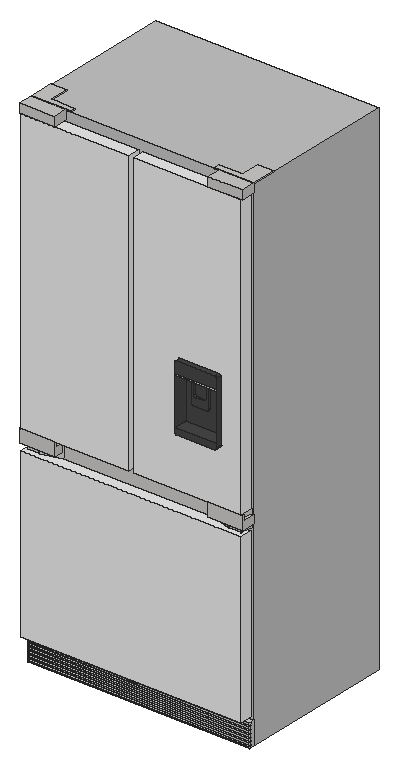
Revit family "FP_Revit_18_RS80AU1_Fridge_90001175A", category Specialty Equipment, Revit 2018
Family settings
  Round Connector Dimension = Use Diameter
  Part Type = Normal
  OmniClass Number = 23.40.40.11.11.17
  OmniClass Title = Refrigerator-Freezer
  Work Plane-Based = No
  Always vertical = Yes
  Cut with Voids When Loaded = Yes
  Shared = No
  Room Calculation Point = No
Parameters
  Visibility - Water Dispenser = yes
  Visibility - Visibility Control Note = yes
  Visibility - Clearance Required = yes
  URL = "www.fisherpaykel.com"
  Stainless Steel Door Panels (RD80AU) = no
  Product - Width = 796 mm  # constant formula
  Product - Height = 1825 mm  # constant formula
  Product - Depth = 604 mm  # constant formula
  Model = "RS80AU1"
  Material - Trim = Fisher & Paykel - Stainless Steel
  Material - Rollers and Feet = Fisher & Paykel - Black
  Material - Door Structure = Fisher & Paykel - White
  Material - Door Front = Fisher & Paykel - Stainless Steel
  Material - Connections = Fisher & Paykel - Black
  Material - Body = Fisher & Paykel - Grey
  Manufacturer = "Fisher & Paykel Appliances"
  Handle Style - Contemporary Square Fine Black (AHD5RD80AB) = no
  Handle Style - Contemporary Square Fine (AHD5RD80A) = no
  Handle Style - Contemporary Square (AHD3RS80A) = no
  Handle Style - Contemporary Round (AHSRS80A) = no
  Description = "Integrated French Door Refrigerator Freezer, Ice & Water"
  Connector Description - Water = "13mm (1/2\") or 19mm (3/4\") BSP threaded water connection 6.35mm LLDPE tubing"
  Connector Description - Electrical = "230 V, 50 Hz, 10 A circuit"
  Chassis - Width = 790 mm  # constant formula
  Chassis - Height = 1788 mm  # constant formula
  Chassis - Depth = 561.4 mm  # constant formula
  Cavity - Width = 813 mm  # constant formula
  Cavity - Height = 1829 mm  # constant formula
  Cavity - Depth = 635 mm  # constant formula
Reference planes
  plane 1 "Center (Front/Back)": y = 0
  plane 2: z = 0
  plane 3 "Center (Left/Right)": x = 0
  plane 4 "Product LHS": x = -398
  plane 5 "Product RHS": x = 398
  plane 6 "Cavity - Depth": y = 635
  plane 7 "Cavity LHS": x = -406.5
  plane 8 "Cavity RHS": x = 406.5
  plane 9 "Product - Depth": y = 622
  plane 10 "Product Height": z = 1825
  plane 11 "Cavity Height": z = 1829
  plane 12 "Datum": y = 18
Forms (mm)
  Extrusion 1, solid, material "Fisher & Paykel - Grey" <- "Material - Body"
    sketch origin (0, 0, 0) x (0, 1, 0) y (0, 0, 1)
      loop
        line (68.89, 6.6) -> (622, 6.6) -> (622, 1794.6) -> (68.89, 1794.6) -> (68.89, 6.6)
    from -395 to 395
  Extrusion 2, solid, material "Fisher & Paykel - Clearance Required", visible <- "Visibility - Clearance Required", detail levels coarse
    sketch origin (0, 0, 0) x (1, 0, 0) y (0, 1, 0)
      loop
        line (-391.179, 0) -> (-526.6, -290.41) -> (-562.852, -273.506) -> (-569.457, -287.67) -> (-533.205, -304.575) -> (-555.656, -352.723)
        arc (-555.656, -352.723) -> (-182.069, -328.236) -> (-1.993, 0) r 389.186
        line (-1.993, 0) -> (-391.179, 0)
      loop
        line (391.179, 0) -> (1.993, 0)
        arc (1.993, 0) -> (182.069, -328.236) -> (555.656, -352.723) r 389.186
        line (555.656, -352.723) -> (533.205, -304.575) -> (569.457, -287.67) -> (562.852, -273.506) -> (526.6, -290.41) -> (391.179, 0)
    from 700.43 to 1825
  Extrusion 3, void
    sketch origin (-955, 0, 0) x (1, 0, 0) y (0, 0, 1)
      loop
        arc (1130.35, 1186.03) -> (1124.693, 1183.687) -> (1122.35, 1178.03) r 8
        line (1122.35, 1178.03) -> (1122.35, 958.43)
        arc (1122.35, 958.43) -> (1124.693, 952.773) -> (1130.35, 950.43) r 8
        line (1130.35, 950.43) -> (1264.85, 950.43)
        arc (1264.85, 950.43) -> (1270.507, 952.773) -> (1272.85, 958.43) r 8
        line (1272.85, 958.43) -> (1272.85, 1178.03)
        arc (1272.85, 1178.03) -> (1270.507, 1183.687) -> (1264.85, 1186.03) r 8
        line (1264.85, 1186.03) -> (1130.35, 1186.03)
    from -54.957 to 0
  Extrusion 4, solid, material "Fisher & Paykel - Black" <- "Material - Rollers and Feet"
    sketch origin (0, 0, -4) x (0, 1, 0) y (0, 0, 1)
      loop
        arc (120.09, 10.6) -> (136.133, 4) -> (152.177, 10.6) r 22.8
        line (152.177, 10.6) -> (120.09, 10.6)
      loop
        arc (555.39, 10.6) -> (571.433, 4) -> (587.477, 10.6) r 22.8
        line (587.477, 10.6) -> (555.39, 10.6)
    from 352 to 379
  Extrusion 5, solid, material "Fisher & Paykel - Clearance Required", visible <- "Visibility - Clearance Required", detail levels coarse
    sketch origin (0, 0, 0) x (0, 1, 0) y (0, 0, 1)
      loop
        line (-0.043, 696.43) -> (-359.921, 696.43) -> (-359.921, 631.801) -> (-401.921, 631.801) -> (-401.921, 615.801) -> (-359.921, 615.801) -> (-359.921, 100.03) -> (-0.043, 100.03) -> (-0.043, 696.43)
    from -406.5 to 406.5
  Extrusion 6, solid, material "Fisher & Paykel - White" <- "Material - Door Structure"
    sketch origin (0, 0, 0) x (1, 0, 0) y (0, 0, 1)
      loop
        line (-7.74, 1764.6) -> (-390.5, 1764.6) -> (-390.5, 763.6) -> (-7.74, 763.6) -> (-7.74, 1764.6)
      loop
        line (7.74, 1764.6) -> (7.74, 763.6) -> (390.5, 763.6) -> (390.5, 1764.6) -> (7.74, 1764.6)
      loop
        line (-390.5, 693.1) -> (-390.5, 101.1) -> (390.5, 101.1) -> (390.5, 693.1) -> (-390.5, 693.1)
    from -60.6 to -18
  Extrusion 7, solid, material "Fisher & Paykel - White" <- "Material - Door Structure"
    sketch origin (0, 0, 0) x (1, 0, 0) y (0, 0, 1)
      loop
        line (-379.6, 685.2) -> (-379.6, 109) -> (379.6, 109) -> (379.6, 685.2) -> (-379.6, 685.2)
      loop
        line (-13.88, 776) -> (-13.88, 1749.7) -> (-379.58, 1749.7) -> (-379.58, 776) -> (-13.88, 776)
      loop
        line (13.88, 776) -> (379.58, 776) -> (379.58, 1749.7) -> (13.88, 1749.7) -> (13.88, 776)
    from -68.89 to -60.552
  Extrusion 8, solid, material "Fisher & Paykel - Stainless Steel" <- "Material - Trim", detail levels fine
    sketch origin (0, -2, 0) x (1, 0, 0) y (0, 1, 0)
      loop
        line (-386.5, 70.89) -> (-379.782, 36.328)
        arc (-379.782, 36.328) -> (-378.745, 34.585) -> (-376.837, 33.9) r 3
        line (-376.837, 33.9) -> (-338.733, 33.9)
        arc (-338.733, 33.9) -> (-336.738, 34.034) -> (-334.779, 34.431) r 15
        line (-334.779, 34.431) -> (-265.032, 53.491) -> (265.032, 53.491) -> (334.779, 34.431)
        arc (334.779, 34.431) -> (336.738, 34.034) -> (338.733, 33.9) r 15
        line (338.733, 33.9) -> (376.837, 33.9)
        arc (376.837, 33.9) -> (378.745, 34.585) -> (379.782, 36.328) r 3
        line (379.782, 36.328) -> (386.5, 70.89) -> (-386.5, 70.89)
    from 696.967 to 759.03
  Extrusion 9, solid, material "Fisher & Paykel - Stainless Steel" <- "Material - Trim", detail levels fine
    sketch origin (0, -2, 0) x (0, 1, 0) y (0, 0, 1)
      loop
        line (20, 762.6) -> (20, 715.3) -> (70.89, 715.3) -> (70.89, 743.6) -> (25, 743.6) -> (25, 762.6) -> (20, 762.6)
    from 272.17 to 395
  Extrusion 10, solid, material "Fisher & Paykel - Stainless Steel" <- "Material - Trim", detail levels fine
    sketch origin (0, -2, 0) x (0, 1, 0) y (0, 0, -1)
      loop
        line (20, -762.6) -> (25, -762.6) -> (25, -743.6) -> (70.89, -743.6) -> (70.89, -715.3) -> (20, -715.3) -> (20, -762.6)
    from 272.17 to 395
  Extrusion 11, solid, material "Fisher & Paykel - Stainless Steel" <- "Material - Trim"
    sketch origin (0, 0, 0) x (1, 0, 0) y (0, 1, 0)
      loop
        line (-272.17, 18) -> (-272.17, 68.89) -> (-395, 68.89) -> (-395, 18) -> (-272.17, 18)
      loop
        line (395, 18) -> (395, 68.89) -> (272.17, 68.89) -> (272.17, 18) -> (395, 18)
    from 1765.6 to 1797.6
  Extrusion 12, solid, material "Fisher & Paykel - Stainless Steel" <- "Material - Trim", detail levels fine
    sketch origin (0, 0, 0) x (1, 0, 0) y (0, 1, 0)
      loop
        line (-395, 154.61) -> (-395, 68.89) -> (-256.45, 68.89) -> (-256.45, 88.11) -> (-339, 88.11) -> (-339, 154.61) -> (-395, 154.61)
      loop
        line (395, 154.61) -> (339, 154.61) -> (339, 88.11) -> (256.45, 88.11) -> (256.45, 68.89) -> (395, 68.89) -> (395, 154.61)
    from 1794.6 to 1797.6
  Extrusion 13, solid, material "Fisher & Paykel - Black" <- "Material - Rollers and Feet", detail levels fine
    sketch origin (0, 0, -4) x (0, 1, 0) y (0, 0, -1)
      loop
        line (120.09, -10.6) -> (152.177, -10.6)
        arc (152.177, -10.6) -> (136.133, -4) -> (120.09, -10.6) r 22.8
      loop
        line (555.39, -10.6) -> (587.477, -10.6)
        arc (587.477, -10.6) -> (571.433, -4) -> (555.39, -10.6) r 22.8
    from 352 to 379
  Extrusion 14, solid, material "Fisher & Paykel - Stainless Steel" <- "Material - Trim", detail levels fine
    sketch origin (0, -2, 0) x (0, 1, 0) y (0, 0, 1)
      loop
        line (24.91, 101.1) -> (24.91, 94.1) -> (50.15, 94.1) -> (50.15, 101.1) -> (24.91, 101.1)
    from -20.67 to 20.7
  Extrusion 15, solid, material "Fisher & Paykel - Stainless Steel" <- "Material - Trim", detail levels fine
    sketch origin (0, -2, 0) x (0, 1, 0) y (0, 0, 1)
      loop
        line (70.89, 90.613) -> (53.491, 85.951) -> (53.491, 81.639) -> (61.43, 81.639) -> (61.43, 75.465) -> (53.491, 73.338) -> (53.491, 69.031) -> (61.43, 69.031) -> (61.43, 62.857) -> (53.491, 60.73) -> (53.491, 56.423) -> (61.43, 56.423) -> (61.43, 50.254) -> (53.491, 48.127) -> (53.491, 43.821) -> (61.43, 43.821) -> (61.43, 37.652) -> (53.491, 35.525) -> (53.491, 31.218) -> (61.43, 31.218) -> (61.43, 25.049) -> (53.491, 22.922) -> (53.491, 18.585) -> (61.43, 18.585) -> (61.43, 12.447) -> (53.491, 10.32) -> (53.491, 6.6) -> (70.89, 6.6) -> (70.89, 90.613)
    from -395 to 395
  Extrusion 16, solid, material "Fisher & Paykel - Stainless Steel" <- "Material - Trim", detail levels coarse+medium
    sketch origin (0, -2, 0) x (0, 1, 0) y (0, 0, 1)
      loop
        line (70.89, 90.613) -> (53.491, 85.951) -> (53.491, 6.6) -> (70.89, 6.6) -> (70.89, 90.613)
    from -395 to 395
  Extrusion 17, void
    sketch origin (0, -2000, 0) x (1, 0, 0) y (0, 1, 0)
      loop
        line (-336, 2622) -> (-336, 2068.89) -> (336, 2068.89) -> (336, 2622) -> (-336, 2622)
    from 6.6 to 56.423
  Extrusion 18, solid, material "Fisher & Paykel - Stainless Steel" <- "Material - Door Front", visible <- "Stainless Steel Door Panels (RD80AU)"
    sketch origin (0, 0, 0) x (1, 0, 0) y (0, 0, 1)
      loop
        line (-398, 696.43) -> (-398, 100.03) -> (398, 100.03) -> (398, 696.43) -> (-398, 696.43)
      loop
        line (-398, 700.43) -> (-2, 700.43) -> (-2, 1822.4) -> (-398, 1822.4) -> (-398, 700.43)
      loop
        line (2, 1822.4) -> (2, 700.43) -> (398, 700.43) -> (398, 1822.4) -> (2, 1822.4)
    from -18 to 0
  Extrusion 19, void
    sketch origin (0, -2, 0) x (1, 0, 0) y (0, 1, 0)
      loop
        arc (395, 57.948) -> (393.695, 54.796) -> (390.543, 53.491) r 4.457
        line (390.543, 53.491) -> (395, 53.491) -> (395, 57.948)
      loop
        line (-395, 57.948) -> (-395, 53.491) -> (-390.543, 53.491)
        arc (-390.543, 53.491) -> (-393.695, 54.796) -> (-395, 57.948) r 4.457
    from 6.6 to 100.03
  Extrusion 20, solid, material "Fisher & Paykel - Clearance Required", visible <- "Visibility - Clearance Required", detail levels coarse
    sketch origin (0, 0, 0) x (1, 0, 0) y (0, 1, 0)
      loop
        line (-406.5, 635) -> (-406.5, 0) -> (406.5, 0) -> (406.5, 635) -> (-406.5, 635)
    from 0 to 1829
  Extrusion 21, void
    sketch origin (0, 0, 0) x (1, 0, 0) y (0, 0, 1)
      loop
        line (253, 70) -> (253, 200) -> (-22, 200) -> (-22, 70) -> (253, 70)
      loop
        circle (203, 135) r 3
      loop
        circle (28, 135) r 3
    from -622 to -619.953
  Extrusion 22, void
    sketch origin (0, 0, 0) x (1, 0, 0) y (0, 1, 0)
      loop
        line (-406.5, 635) -> (-406.5, 0) -> (406.5, 0) -> (406.5, 635) -> (-406.5, 635)
    from 0 to 1829
Cuts and joins
  Extrusion 17, Extrusion 21 cuts Extrusion 1
  Extrusion 3 cuts Extrusion 18
  Extrusion 3 cuts Extrusion 6
  Extrusion 19 cuts Extrusion 15
  Extrusion 19 cuts Extrusion 16
  joined: Extrusion 8, Extrusion 9, Extrusion 10
Lines and regions (mm)
  model lines, style "Fisher & Paykel"
    curve 1: line (-398, 18, 1822.4) -> (-2, 18, 1822.4)
    curve 2: line (-398, 18, 700.43) -> (-398, 18, 1822.4)
    curve 3: line (-2, 18, 700.43) -> (-398, 18, 700.43)
    curve 4: line (-2, 18, 1822.4) -> (-2, 18, 700.43)
    curve 5: line (2, 18, 700.43) -> (398, 18, 700.43)
    curve 6: line (2, 18, 1822.4) -> (2, 18, 700.43)
    curve 7: line (398, 18, 1822.4) -> (2, 18, 1822.4)
    curve 8: line (398, 18, 700.43) -> (398, 18, 1822.4)
    curve 9: line (-398, 18, 696.43) -> (398, 18, 696.43)
    curve 10: line (-398, 18, 100.03) -> (-398, 18, 696.43)
    curve 11: line (398, 18, 100.03) -> (-398, 18, 100.03)
    curve 12: line (398, 18, 696.43) -> (398, 18, 100.03)
Text (mm)
  text "Due to ongoing product development, product details are subject to change without notice. \nPlease always refer to www.fisherpaykel.com for the most current product information. \n© Fisher & Paykel 2020" at (41.04, -521.517, 0), in view "Ref. Level (Plan)"
Dimensions and locks
  equal spacing: plane 4 "Product LHS", plane 3 "Center (Left/Right)", plane 5 "Product RHS"
  "Product - Width": plane 4 "Product LHS" to plane 5 "Product RHS"
  "Cavity - Depth": plane 1 "Center (Front/Back)" to plane 6 "Cavity - Depth"
  equal spacing: plane 7 "Cavity LHS", plane 3 "Center (Left/Right)", plane 8 "Cavity RHS"
  "Cavity - Width": plane 7 "Cavity LHS" to plane 8 "Cavity RHS"
  "Product - Height": level to plane 10 "Product Height"
  "Cavity - Height": plane 11 "Cavity Height" to level
  Extrusion 3 sketch curve to plane 3 "Center (Left/Right)" = 317.85 mm
  Extrusion 3 sketch curve to Extrusion 3 sketch curve = 235.6 mm
  Extrusion 3 sketch curve to level = 950.43 mm
  Extrusion 3 sketch curve to Extrusion 3 sketch curve = 150.5 mm
  "Chassis - Height": Extrusion 1 to Extrusion 1
  nested 1 to Extrusion 1 = 1179.43 mm
  "Chassis - Width": Extrusion 1 to Extrusion 1
  Extrusion 14 to Extrusion 16 = 94.5 mm
  locked: Extrusion 21 to cut or joined group of Extrusion 1, Extrusion 17, Extrusion 21 at 2.047
  locked: plane 1 "Center (Front/Back)" to plane 12 "Datum" at 18
  "Chassis - Depth": cut or joined group of Extrusion 3, Extrusion 6 to plane 9 "Product - Depth"
  "Product - Depth": plane 9 "Product - Depth" to plane 12 "Datum"
  equal spacing: cut or joined group of Extrusion 1, Extrusion 17, Extrusion 21, plane 3 "Center (Left/Right)", cut or joined group of Extrusion 1, Extrusion 17, Extrusion 21  (x2)
  aligned and locked: level to plane 2
  aligned and locked: Extrusion 19 to Extrusion 4
  aligned and locked: cut or joined group of Extrusion 1, Extrusion 17, Extrusion 21 to Extrusion 21
  aligned and locked: Extrusion 20 to level
  aligned and locked: plane 9 "Product - Depth" to Extrusion 1
Automatic sketch dimensions
  plane 1 "Center (Front/Back)" to Extrusion 20 sketch curve = 0 mm
  Extrusion 20 sketch curve to plane 7 "Cavity LHS" = 0 mm
  Extrusion 20 sketch curve to plane 8 "Cavity RHS" = 0 mm
  plane 6 "Cavity - Depth" to Extrusion 20 sketch curve = 0 mm
  plane 1 "Center (Front/Back)" to Extrusion 22 sketch curve = 0 mm
  Extrusion 22 sketch curve to plane 7 "Cavity LHS" = 0 mm
  Extrusion 22 sketch curve to plane 8 "Cavity RHS" = 0 mm
  plane 6 "Cavity - Depth" to Extrusion 22 sketch curve = 0 mm
  Extrusion 1 sketch curve to plane 9 "Product - Depth" = 0 mm
  level to Extrusion 1 sketch curve = 6.6 mm
  Extrusion 1 sketch curve to plane 12 "Datum" = 50.89 mm
  plane 10 "Product Height" to Extrusion 1 sketch curve = 30.4 mm
  plane 1 "Center (Front/Back)" to Extrusion 2 sketch curve = 0 mm  (x2)
  plane 7 "Cavity LHS" to Extrusion 2 sketch curve = 162.957 mm
  Extrusion 2 sketch curve to Extrusion 2 sketch curve = 6.605 mm  (x3)
  Extrusion 2 sketch curve to Extrusion 2 sketch curve = 13.801 mm
  Extrusion 2 sketch curve to Extrusion 2 sketch curve = 36.252 mm  (x2)
  Extrusion 2 sketch curve to plane 4 "Product LHS" = 6.821 mm
  Extrusion 2 sketch curve to Extrusion 2 sketch curve = 0 mm  (x2)
  Extrusion 2 sketch curve to plane 3 "Center (Left/Right)" = 1.993 mm
  plane 3 "Center (Left/Right)" to Extrusion 2 sketch curve = 1.993 mm
  plane 5 "Product RHS" to Extrusion 2 sketch curve = 6.821 mm
  Extrusion 2 sketch curve to plane 8 "Cavity RHS" = 120.1 mm
  plane 1 "Center (Front/Back)" to Extrusion 2 sketch curve = 352.723 mm
  plane 1 "Center (Front/Back)" to Extrusion 2 sketch curve = 287.67 mm
  Extrusion 3 sketch curve to Extrusion 3 sketch curve = 8 mm  (x4)
  level to Extrusion 4 sketch curve = 6.6 mm  (x2)
  Extrusion 4 sketch curve to plane 12 "Datum" = 102.09 mm
  Extrusion 4 sketch curve to Extrusion 4 sketch curve = 16.044 mm  (x2)
  Extrusion 4 sketch curve to plane 9 "Product - Depth" = 66.61 mm
  level to Extrusion 4 sketch curve = 22.8 mm  (x2)
  plane 1 "Center (Front/Back)" to Extrusion 5 sketch curve = 401.921 mm
  Extrusion 5 sketch curve to Extrusion 5 sketch curve = 42 mm
  level to Extrusion 5 sketch curve = 100.03 mm
  plane 1 "Center (Front/Back)" to Extrusion 5 sketch curve = 359.921 mm
  plane 1 "Center (Front/Back)" to Extrusion 5 sketch curve = 0.043 mm
  Extrusion 5 sketch curve to Extrusion 5 sketch curve = 515.771 mm
  Extrusion 5 sketch curve to Extrusion 5 sketch curve = 16 mm
  Extrusion 5 sketch curve to Extrusion 5 sketch curve = 64.629 mm
  Extrusion 6 sketch curve to plane 4 "Product LHS" = 7.5 mm  (x2)
  Extrusion 6 sketch curve to plane 3 "Center (Left/Right)" = 7.74 mm
  plane 3 "Center (Left/Right)" to Extrusion 6 sketch curve = 7.74 mm
  plane 5 "Product RHS" to Extrusion 6 sketch curve = 7.5 mm  (x2)
  level to Extrusion 6 sketch curve = 101.1 mm
  Extrusion 6 sketch curve to Extrusion 6 sketch curve = 592 mm
  Extrusion 6 sketch curve to Extrusion 6 sketch curve = 70.5 mm
  Extrusion 6 sketch curve to Extrusion 6 sketch curve = 0 mm
  plane 10 "Product Height" to Extrusion 6 sketch curve = 60.4 mm  (x2)
  Extrusion 7 sketch curve to plane 4 "Product LHS" = 18.4 mm
  Extrusion 7 sketch curve to plane 4 "Product LHS" = 18.42 mm
  Extrusion 7 sketch curve to plane 3 "Center (Left/Right)" = 13.88 mm
  plane 3 "Center (Left/Right)" to Extrusion 7 sketch curve = 13.88 mm
  plane 5 "Product RHS" to Extrusion 7 sketch curve = 18.42 mm
  plane 5 "Product RHS" to Extrusion 7 sketch curve = 18.4 mm
  level to Extrusion 7 sketch curve = 109 mm
  Extrusion 7 sketch curve to Extrusion 7 sketch curve = 576.2 mm
  Extrusion 7 sketch curve to Extrusion 7 sketch curve = 90.8 mm
  Extrusion 7 sketch curve to Extrusion 7 sketch curve = 0 mm  (x2)
  plane 10 "Product Height" to Extrusion 7 sketch curve = 75.3 mm
  Extrusion 8 sketch curve to plane 4 "Product LHS" = 11.5 mm
  Extrusion 8 sketch curve to plane 4 "Product LHS" = 18.218 mm
  Extrusion 8 sketch curve to Extrusion 8 sketch curve = 2.945 mm  (x2)
  Extrusion 8 sketch curve to plane 12 "Datum" = 13.9 mm
  Extrusion 8 sketch curve to Extrusion 8 sketch curve = 38.104 mm
  Extrusion 8 sketch curve to plane 12 "Datum" = 14.431 mm  (x2)
  Extrusion 8 sketch curve to Extrusion 8 sketch curve = 3.954 mm  (x2)
  Extrusion 8 sketch curve to plane 12 "Datum" = 33.491 mm
  Extrusion 8 sketch curve to Extrusion 8 sketch curve = 69.747 mm
  plane 5 "Product RHS" to Extrusion 8 sketch curve = 132.968 mm
  plane 5 "Product RHS" to Extrusion 8 sketch curve = 63.221 mm
  plane 5 "Product RHS" to Extrusion 8 sketch curve = 21.163 mm
  plane 5 "Product RHS" to Extrusion 8 sketch curve = 11.5 mm
  Extrusion 8 sketch curve to plane 1 "Center (Front/Back)" = 31.9 mm
  Extrusion 8 sketch curve to Extrusion 8 sketch curve = 2.428 mm  (x2)
  Extrusion 8 sketch curve to Extrusion 8 sketch curve = 34.562 mm
  Extrusion 9 sketch curve to plane 12 "Datum" = 0 mm
  Extrusion 9 sketch curve to Extrusion 9 sketch curve = 5 mm
  Extrusion 9 sketch curve to Extrusion 9 sketch curve = 50.89 mm
  level to Extrusion 9 sketch curve = 715.3 mm
  Extrusion 9 sketch curve to Extrusion 9 sketch curve = 28.3 mm
  Extrusion 9 sketch curve to Extrusion 9 sketch curve = 19 mm
  Extrusion 10 sketch curve to plane 12 "Datum" = 0 mm
  Extrusion 10 sketch curve to Extrusion 10 sketch curve = 5 mm
  Extrusion 10 sketch curve to Extrusion 10 sketch curve = 50.89 mm
  level to Extrusion 10 sketch curve = 762.6 mm
  Extrusion 10 sketch curve to Extrusion 10 sketch curve = 19 mm
  Extrusion 10 sketch curve to Extrusion 10 sketch curve = 28.3 mm
  Extrusion 11 sketch curve to plane 4 "Product LHS" = 3 mm
  plane 12 "Datum" to Extrusion 11 sketch curve = 0 mm  (x2)
  Extrusion 11 sketch curve to plane 12 "Datum" = 50.89 mm  (x2)
  Extrusion 11 sketch curve to plane 4 "Product LHS" = 125.83 mm
  plane 5 "Product RHS" to Extrusion 11 sketch curve = 125.83 mm
  plane 5 "Product RHS" to Extrusion 11 sketch curve = 3 mm
  Extrusion 12 sketch curve to plane 4 "Product LHS" = 3 mm
  plane 5 "Product RHS" to Extrusion 12 sketch curve = 3 mm
  Extrusion 12 sketch curve to plane 4 "Product LHS" = 59 mm
  Extrusion 12 sketch curve to Extrusion 12 sketch curve = 82.55 mm
  Extrusion 12 sketch curve to plane 12 "Datum" = 50.89 mm  (x2)
  plane 5 "Product RHS" to Extrusion 12 sketch curve = 141.55 mm
  plane 5 "Product RHS" to Extrusion 12 sketch curve = 59 mm
  Extrusion 12 sketch curve to Extrusion 12 sketch curve = 19.22 mm  (x2)
  Extrusion 12 sketch curve to Extrusion 12 sketch curve = 66.5 mm  (x2)
  level to Extrusion 13 sketch curve = 6.6 mm  (x2)
  Extrusion 13 sketch curve to plane 12 "Datum" = 102.09 mm
  Extrusion 13 sketch curve to Extrusion 13 sketch curve = 16.044 mm  (x2)
  Extrusion 13 sketch curve to plane 9 "Product - Depth" = 66.61 mm
  level to Extrusion 13 sketch curve = 22.8 mm  (x2)
  Extrusion 14 sketch curve to plane 12 "Datum" = 4.91 mm
  Extrusion 14 sketch curve to Extrusion 14 sketch curve = 25.24 mm
  level to Extrusion 14 sketch curve = 94.1 mm
  Extrusion 14 sketch curve to Extrusion 14 sketch curve = 7 mm
  Extrusion 15 sketch curve to plane 12 "Datum" = 33.491 mm  (x3)
  level to Extrusion 15 sketch curve = 6.6 mm
  Extrusion 15 sketch curve to Extrusion 15 sketch curve = 0 mm  (x8)
  Extrusion 15 sketch curve to Extrusion 15 sketch curve = 7.939 mm  (x2)
  Extrusion 15 sketch curve to Extrusion 15 sketch curve = 9.46 mm
  Extrusion 15 sketch curve to Extrusion 15 sketch curve = 3.72 mm
  Extrusion 15 sketch curve to Extrusion 15 sketch curve = 2.127 mm
  Extrusion 15 sketch curve to Extrusion 15 sketch curve = 8.266 mm
  Extrusion 15 sketch curve to Extrusion 15 sketch curve = 4.337 mm
  Extrusion 15 sketch curve to Extrusion 15 sketch curve = 6.464 mm
  Extrusion 15 sketch curve to Extrusion 15 sketch curve = 6.169 mm  (x3)
  Extrusion 15 sketch curve to Extrusion 15 sketch curve = 4.306 mm  (x4)
  Extrusion 15 sketch curve to Extrusion 15 sketch curve = 6.433 mm  (x4)
  Extrusion 15 sketch curve to Extrusion 15 sketch curve = 6.175 mm  (x2)
  Extrusion 15 sketch curve to Extrusion 15 sketch curve = 4.312 mm
  Extrusion 15 sketch curve to Extrusion 15 sketch curve = 8.974 mm
  Extrusion 16 sketch curve to plane 12 "Datum" = 33.491 mm
  level to Extrusion 16 sketch curve = 6.6 mm
  Extrusion 16 sketch curve to Extrusion 16 sketch curve = 17.399 mm
  Extrusion 16 sketch curve to Extrusion 16 sketch curve = 79.351 mm
  Extrusion 16 sketch curve to Extrusion 16 sketch curve = 4.662 mm
  Extrusion 17 sketch curve to plane 9 "Product - Depth" = 0 mm
  Extrusion 17 sketch curve to plane 4 "Product LHS" = 62 mm
  plane 5 "Product RHS" to Extrusion 17 sketch curve = 62 mm
  Extrusion 17 sketch curve to plane 12 "Datum" = 50.89 mm
  plane 4 "Product LHS" to Extrusion 18 sketch curve = 0 mm  (x2)
  plane 5 "Product RHS" to Extrusion 18 sketch curve = 0 mm  (x2)
  Extrusion 18 sketch curve to plane 3 "Center (Left/Right)" = 2 mm
  plane 3 "Center (Left/Right)" to Extrusion 18 sketch curve = 2 mm
  level to Extrusion 18 sketch curve = 100.03 mm
  Extrusion 18 sketch curve to Extrusion 18 sketch curve = 596.4 mm
  Extrusion 18 sketch curve to Extrusion 18 sketch curve = 4 mm
  Extrusion 18 sketch curve to Extrusion 18 sketch curve = 0 mm
  plane 10 "Product Height" to Extrusion 18 sketch curve = 2.6 mm  (x2)
  Extrusion 19 sketch curve to plane 4 "Product LHS" = 3 mm
  plane 5 "Product RHS" to Extrusion 19 sketch curve = 3 mm
  Extrusion 19 sketch curve to plane 4 "Product LHS" = 7.457 mm
  plane 5 "Product RHS" to Extrusion 19 sketch curve = 7.457 mm
  Extrusion 19 sketch curve to plane 12 "Datum" = 33.491 mm  (x2)
  level to Extrusion 21 sketch curve = 70 mm
  Extrusion 21 sketch curve to plane 3 "Center (Left/Right)" = 22 mm
  Extrusion 21 sketch curve to Extrusion 21 sketch curve = 50 mm
  plane 5 "Product RHS" to Extrusion 21 sketch curve = 195 mm
  plane 5 "Product RHS" to Extrusion 21 sketch curve = 145 mm
  Extrusion 21 sketch curve to Extrusion 21 sketch curve = 65 mm  (x3)
  plane 4 "Product LHS" to curve 1 = 0 mm
  plane 5 "Product RHS" to curve 8 = 0 mm
  plane 4 "Product LHS" to curve 9 = 0 mm
  plane 5 "Product RHS" to curve 9 = 0 mm
  plane 10 "Product Height" to curve 1 = 2.6 mm
  plane 10 "Product Height" to curve 8 = 2.6 mm
  level to curve 5 = 700.43 mm
  curve 4 to plane 3 "Center (Left/Right)" = 2 mm
  curve 4 to curve 5 = 0 mm
  curve 2 to curve 9 = 4 mm
  level to curve 11 = 100.03 mm
  plane 3 "Center (Left/Right)" to curve 7 = 2 mm
  radius of Extrusion 21 sketch curve = 3 mm  (x2)
Nested families
  nested 1: "F&P Water Dispenser" at (242.6, 0, 950.43), visible <- "Visibility - Water Dispenser", type "F&P Water Dispenser"
  nested 2: "Comment Marker 2D" at (0, -315.48, 0), visible <- "Visibility - Visibility Control Note", type "Active"
  nested 3: "F&P Handle Kit - Contemporary Round - Horizontal" at (0, -0.043, 623.802), visible <- "Handle Style - Contemporary Round (AHSRS80A)", type "AHSRS80A - Contemporary round handle (2 of 2) (Horizontal) 646mm"
  nested 4: "F&P Handle Kit - Contemporary Round - Vertical" at (-67.3, -0.043, 1128.5), visible <- "Handle Style - Contemporary Round (AHSRS80A)", type "AHSRS80A - Contemporary round handle (1 of 2) (Vertical) 727mm"
  nested 5: "F&P Handle Kit - Contemporary Square - Horizontal" at (0, -0.043, 623.802), visible <- "Handle Style - Contemporary Square (AHD3RS80A)", type "AHD3RS80A - Contemporary square handle (2 of 2) (Horizontal) 646mm"
  nested 6: "F&P Handle Kit - Contemporary Square - Vertical" at (-67.3, -0.043, 1128.5), visible <- "Handle Style - Contemporary Square (AHD3RS80A)", type "AHD3RS80A - Contemporary square handle (1 of 2) (Vertical) 727mm"
  nested 7: "F&P Handle Kit - Contemporary Square - Vertical" at (67.3, -0.043, 1128.5), visible <- "Handle Style - Contemporary Square (AHD3RS80A)", type "AHD3RS80A - Contemporary square handle (1 of 2) (Vertical) 727mm"
  nested 8: "F&P Handle Kit - Contemporary Round - Vertical" at (67.3, -0.043, 1128.5), visible <- "Handle Style - Contemporary Round (AHSRS80A)", type "AHSRS80A - Contemporary round handle (1 of 2) (Vertical) 727mm"
  nested 9: "F&P Handle Kit - Contemporary Square Fine - Horizontal" at (0, 0, 623.802), visible <- "Handle Style - Contemporary Square Fine (AHD5RD80A)", type "AHD5RD80A - Contemporary square fine handle (2 of 2) (Horizontal) 646mm"
  nested 10: "F&P Handle Kit - Contemporary Square Fine - Vertical" at (67.3, 0, 1128.5), visible <- "Handle Style - Contemporary Square Fine (AHD5RD80A)", type "AHD5RD80A - Contemporary square fine handle (1 of 2) (Vertical) 727mm"
  nested 11: "F&P Handle Kit - Contemporary Square Fine - Horizontal" at (0, 0, 623.802), visible <- "Handle Style - Contemporary Square Fine Black (AHD5RD80AB)", type "AHD5RD80AB - Contemporary square fine black handle (2 of 2) (Horizontal) 646mm"
  nested 12: "F&P Handle Kit - Contemporary Square Fine - Vertical" at (67.3, 0, 1128.5), visible <- "Handle Style - Contemporary Square Fine Black (AHD5RD80AB)", type "AHD5RD80AB - Contemporary square fine black handle (1 of 2) (Vertical) 727mm"
  nested 13: "F&P Handle Kit - Contemporary Square Fine - Vertical" at (-67.3, 0, 1128.5), visible <- "Handle Style - Contemporary Square Fine (AHD5RD80A)", type "AHD5RD80A - Contemporary square fine handle (1 of 2) (Vertical) 727mm"
  nested 14: "F&P Handle Kit - Contemporary Square Fine - Vertical" at (-67.3, 0, 1128.5), visible <- "Handle Style - Contemporary Square Fine Black (AHD5RD80AB)", type "AHD5RD80AB - Contemporary square fine black handle (1 of 2) (Vertical) 727mm"
Connectors
  electrical at (28, 622, 135), driven by "Connector Description - Electrical"
    settings: on cut or joined group of Extrusion 1, Extrusion 17, Extrusion 21, index 3, voltage 230 V, apparent load 0 VA, apparent load phase1 0 VA, apparent load phase2 0 VA, apparent load phase3 0 VA, power factor 1, load classification "Other", number of poles 1, system type 30, power factor state 1, is connector primary yes, connector utility no, sub classification motor no, connector description "230 V, 50 Hz, 10 A circuit"
  piping at (203, 619.953, 135), diameter 6, driven by "Connector Description - Water"
    settings: on cut or joined group of Extrusion 1, Extrusion 17, Extrusion 21, index 4, connector inside diameter 609.6 mm, connector length 0 mm, flow factor 0, pipe flow 0.0 L/s, pressure drop 0.0 Pa, fitting loss kfactor 0, connector angle 0.00°, fixture units 0, engagement length 0 mm, angle of deflection 0.00°, flow configuration 0, flow direction 1, fitting loss method 0, system type 20, joint type 0, gender type 0, connector reference index -1, connector utility 0, adjustable connector no, is connector primary yes, connector description "13mm (1/2\") or 19mm (3/4\") BSP threaded water connection 6.35mm LLDPE tubing"
Definition of nested family "F&P Water Dispenser"
  Parameters (values of type "F&P Water Dispenser")
    URL = "www.fisherpaykel.com"
    Material - Trim = none
    Material - Body = none
    Manufacturer = "Fisher & Paykel Appliances"
    Connector Description - Water = ""
    Connector Description - Electrical = ""
  Reference planes
    plane 1 "Center (Front/Back)": y = 0
    plane 2: z = 0
    plane 3 "Center (Left/Right)": x = 0
  Forms (mm)
    Extrusion 1, solid, material <- "Material - Body"
      sketch origin (0, 0, 0) x (1, 0, 0) y (0, 0, 1)
        loop
          arc (-67.25, 235.6) -> (-72.907, 233.257) -> (-75.25, 227.6) r 8
          line (-75.25, 227.6) -> (-75.25, 8)
          arc (-75.25, 8) -> (-72.907, 2.343) -> (-67.25, 0) r 8
          line (-67.25, 0) -> (67.25, 0)
          arc (67.25, 0) -> (72.907, 2.343) -> (75.25, 8) r 8
          line (75.25, 8) -> (75.25, 227.609)
          arc (75.25, 227.609) -> (72.909, 233.259) -> (67.259, 235.6) r 7.991
          line (67.259, 235.6) -> (-67.25, 235.6)
        loop
          line (-74.25, 192.6) -> (-74.25, 20) -> (74.25, 20) -> (74.25, 192.6) -> (-74.25, 192.6)
      from -55 to 0
    Extrusion 2, solid, material <- "Material - Trim", detail levels fine
      sketch origin (0, 0, 0) x (1, 0, 0) y (0, 0, 1)
        loop
          line (-74.25, 192.6) -> (-74.25, 187.1) -> (74.25, 187.1) -> (74.25, 192.6) -> (-74.25, 192.6)
      from -55 to 0
    Extrusion 3, solid, material <- "Material - Body"
      sketch origin (0, 0, 0) x (1, 0, 0) y (0, 0, 1)
        loop
          line (-74.25, 187.1) -> (-74.25, 20) -> (74.25, 20) -> (74.25, 187.1) -> (-74.25, 187.1)
      from -55 to -50
    Extrusion 4, solid, material <- "Material - Body", detail levels fine
      sketch origin (0, 0, 0) x (1, 0, 0) y (0, 0, 1)
        loop
          line (-30, 187.1) -> (-30, 105.1)
          arc (-30, 105.1) -> (-27.657, 99.443) -> (-22, 97.1) r 8
          line (-22, 97.1) -> (22, 97.1)
          arc (22, 97.1) -> (27.657, 99.443) -> (30, 105.1) r 8
          line (30, 105.1) -> (30, 187.1) -> (23.5, 187.1) -> (23.5, 134.1)
          arc (23.5, 134.1) -> (21.157, 128.443) -> (15.5, 126.1) r 8
          line (15.5, 126.1) -> (-15.5, 126.1)
          arc (-15.5, 126.1) -> (-21.157, 128.443) -> (-23.5, 134.1) r 8
          line (-23.5, 134.1) -> (-23.5, 187.1) -> (-30, 187.1)
      from -27.6 to -21.6
    Extrusion 5, solid, material <- "Material - Body", detail levels fine
      sketch origin (0, 0, 0) x (1, 0, 0) y (0, 1, 0)
        loop
          circle (0, 24.6) r 7.5
      from 179.1 to 187.1
  Dimensions and locks
    aligned and locked: level to plane 2
Definition of nested family "F&P Handle Kit - Contemporary Round - Horizontal"
  Parameters (values of type "25374 AHS-ASBI-A - Contemporary round handle (2 of 2) (Horizontal) 746mm")
    URL = "www.fisherpaykel.com"
    Product - Width = 746 mm
    Model = ""
    Material - Handle = none
    Manufacturer = "Fisher & Paykel Appliances"
    Description = "Kit for RS36"
  Types (9, lengths in mm): name | Product - Width | Description
    (no name) | 746 | "Kit for RS36"
    AHSRD2484W - Contemporary round handle (2 of 2) (Horizontal) 494mm | 494 | ""
    AHSRD3084W - Contemporary round handle (2 of 2) (Horizontal) 646mm | 646 | ""
    AHSRS3272A - Contemporary round handle (2 of 2) (Horizontal) 646mm | 646 | ""
    AHSRS80A - Contemporary round handle (2 of 2) (Horizontal) 646mm | 646 | ""
    AHSRD6121W - Contemporary round handle (2 of 2) (Horizontal) 494mm | 494 | ""
    AHSRD7621W - Contemporary round handle (2 of 2) (Horizontal) 646mm | 646 | ""
    25374 AHS-ASBI-A - Contemporary round handle (2 of 2) (Horizontal) 746mm | 746 | "Kit for RS36"
    25329 AHS-ASBI-A - Contemporary round handle (2 of 2) (Horizontal) 746mm | 746 | "Kit for RS90"
  Reference planes
    plane 1 "Center (Front/Back)": y = 0
    plane 2: z = 0
    plane 3 "Center (Left/Right)": x = 0
    plane 4 "Product LHS": x = -373
    plane 5 "Product RHS": x = 373
    plane 6 "LHS Standoff": x = -252.995
    plane 7 "RHS Standoff": x = 253.005
  Forms (mm)
    Extrusion 1, solid, material <- "Material - Handle"
      sketch origin (0, 0, 0) x (0, 1, 0) y (0, 0, 1)
        loop
          circle (-32.3, 0) r 8.7
      from -252.995 to 253.005
    Extrusion 2, solid, material <- "Material - Handle", detail levels fine
      sketch origin (0, 0, 0) x (0, 1, 0) y (0, 0, 1)
        loop
          line (0, 8.7) -> (-32.3, 8.7)
          arc (-32.3, 8.7) -> (-41, 0) -> (-32.3, -8.7) r 8.7
          line (-32.3, -8.7) -> (0, -8.7) -> (0, 8.7)
      from 253.005 to 373
    Extrusion 3, solid, material <- "Material - Handle", detail levels fine
      sketch origin (0, 0, 0) x (0, 1, 0) y (0, 0, -1)
        loop
          line (0, -8.7) -> (0, 8.7) -> (-32.3, 8.7)
          arc (-32.3, 8.7) -> (-41, 0) -> (-32.3, -8.7) r 8.7
          line (-32.3, -8.7) -> (0, -8.7)
      from 252.995 to 373
    Sweep 4, void
      path in 3D
        loop
          line (373, 0, 8.7) -> (373, -32.3, 8.7)
          arc (373, -32.3, 8.7) -> (373, -41, 0) -> (373, -32.3, -8.7) r 8.7
          line (373, -32.3, -8.7) -> (373, 0, -8.7)
      profile origin (373, -16.15, 8.7) x (1, 0, 0) y (0, 0, 1)
        loop
          line (0, 0) -> (-1, 0) -> (0, -1) -> (0, 0)
    Sweep 5, void
      path in 3D
        loop
          line (-373, 0, -8.7) -> (-373, -32.3, -8.7)
          arc (-373, -32.3, -8.7) -> (-373, -41, 0) -> (-373, -32.3, 8.7) r 8.7
          line (-373, -32.3, 8.7) -> (-373, 0, 8.7)
      profile origin (-373, -16.15, 8.7) x (-1, 0, 0) y (0, 0, 1)
        loop
          line (0, 0) -> (-1, 0) -> (0, -1) -> (0, 0)
    Extrusion 6, solid, material <- "Material - Handle", detail levels coarse+medium
      sketch origin (0, 0, 0) x (0, 1, 0) y (0, 0, 1)
        loop
          line (0, 8.7) -> (-32.3, 8.7)
          arc (-32.3, 8.7) -> (-41, 0) -> (-32.3, -8.7) r 8.7
          line (-32.3, -8.7) -> (0, -8.7) -> (0, 8.7)
      from 253.005 to 373
    Extrusion 7, solid, material <- "Material - Handle", detail levels coarse+medium
      sketch origin (0, 0, 0) x (0, 1, 0) y (0, 0, -1)
        loop
          line (0, -8.7) -> (0, 8.7) -> (-32.3, 8.7)
          arc (-32.3, 8.7) -> (-41, 0) -> (-32.3, -8.7) r 8.7
          line (-32.3, -8.7) -> (0, -8.7)
      from 252.995 to 373
  Cuts and joins
    Sweep 4 cuts Extrusion 2
    Sweep 5 cuts Extrusion 3
  Lines and regions (mm)
    sketch lines
      curve 1: line (373, 0, 8.7) -> (373, -32.3, 8.7)
      curve 2: arc (373, -32.3, -8.7) -> (373, -41, 0) -> (373, -32.3, 8.7) r 8.7
      curve 3: line (373, -32.3, -8.7) -> (373, 0, -8.7)
      curve 4: line (-373, -32.3, 8.7) -> (-373, 0, 8.7)
      curve 5: arc (-373, -32.3, 8.7) -> (-373, -41, 0) -> (-373, -32.3, -8.7) r 8.7
      curve 6: line (-373, 0, -8.7) -> (-373, -32.3, -8.7)
  Dimensions and locks
    equal spacing: plane 4 "Product LHS", plane 3 "Center (Left/Right)", plane 5 "Product RHS"
    "Product - Width": plane 4 "Product LHS" to plane 5 "Product RHS"
    locked: plane 4 "Product LHS" to plane 6 "LHS Standoff" at 120.005
    locked: plane 7 "RHS Standoff" to plane 5 "Product RHS" at 119.995
    equal spacing: Extrusion 2 sketch curve, level, Extrusion 2 sketch curve
    Extrusion 3 sketch curve to Extrusion 3 sketch curve = 17.4 mm
    Extrusion 6 sketch curve to Extrusion 6 sketch curve = 17.4 mm
    Extrusion 7 sketch curve to Extrusion 7 sketch curve = 17.4 mm
    aligned and locked: level to plane 2
    aligned and locked: plane 7 "RHS Standoff" to Extrusion 1
    aligned and locked: Extrusion 2 to Extrusion 1
    aligned and locked: Extrusion 2 to plane 5 "Product RHS"
    aligned and locked: plane 4 "Product LHS" to Extrusion 3
    aligned and locked: plane 6 "LHS Standoff" to Extrusion 3
    aligned and locked: Extrusion 1 to plane 6 "LHS Standoff"
    aligned and locked: Extrusion 6 to Extrusion 1
    aligned and locked: Extrusion 6 to plane 5 "Product RHS"
    aligned and locked: plane 4 "Product LHS" to Extrusion 7
    aligned and locked: Extrusion 7 to Extrusion 1
  Automatic sketch dimensions
    Extrusion 1 sketch curve to level = 0 mm
    plane 1 "Center (Front/Back)" to Extrusion 1 sketch curve = 32.3 mm
    Extrusion 2 sketch curve to plane 1 "Center (Front/Back)" = 0 mm
    Extrusion 2 sketch curve to level = 8.7 mm
    plane 1 "Center (Front/Back)" to Extrusion 2 sketch curve = 32.3 mm
    Extrusion 3 sketch curve to level = 0 mm
    Extrusion 3 sketch curve to plane 1 "Center (Front/Back)" = 0 mm
    Extrusion 3 sketch curve to level = 8.7 mm
    plane 1 "Center (Front/Back)" to Extrusion 3 sketch curve = 32.3 mm
    Sweep 4 sketch curve to profile plane = 0 mm
    profile plane to Sweep 4 sketch curve = 0 mm
    profile plane to Sweep 4 sketch curve = 1 mm
    Sweep 4 sketch curve to profile plane = 1 mm
    Sweep 5 sketch curve to profile plane = 0 mm  (x2)
    profile plane to Sweep 5 sketch curve = 1 mm
    Sweep 5 sketch curve to profile plane = 1 mm
    Extrusion 6 sketch curve to level = 0 mm
    level to Extrusion 6 sketch curve = 8.7 mm
    plane 1 "Center (Front/Back)" to Extrusion 6 sketch curve = 32.3 mm
    Extrusion 6 sketch curve to Extrusion 6 sketch curve = 32.3 mm
    Extrusion 7 sketch curve to level = 0 mm
    level to Extrusion 7 sketch curve = 8.7 mm
    plane 1 "Center (Front/Back)" to Extrusion 7 sketch curve = 32.3 mm
    Extrusion 7 sketch curve to Extrusion 7 sketch curve = 32.3 mm
    radius of Extrusion 1 sketch curve = 8.7 mm
Definition of nested family "F&P Handle Kit - Contemporary Round - Vertical"
  Parameters (values of type "25374 AHS-ASBI-A - Contemporary round handle (1 of 2) (Vertical) 727mm")
    URL = "www.fisherpaykel.com"
    Material - Handle = none
    Manufacturer = "Fisher & Paykel Appliances"
    Handle - Length = 727 mm
    Description = "Kit for RS36"
  Types (10, lengths in mm): name | Handle - Length | Description
    AHS-RD21 - Contemporary round handle (Vertical) 852mm | 852 | ""
    AHSRD2484W - Contemporary round handle (1 of 2) (Vertical) 727mm | 727 | ""
    AHSRD3084W - Contemporary round handle (1 of 2) (Vertical) 727mm | 727 | ""
    AHS-RD84 - Contemporary round handle (Vertical) 852mm | 852 | ""
    AHSRS3272A - Contemporary round handle (1 of 2) (Vertical) 727mm | 727 | ""
    AHSRS80A - Contemporary round handle (1 of 2) (Vertical) 727mm | 727 | ""
    AHSRD6121W - Contemporary round handle (1 of 2) (Vertical) 727mm | 727 | ""
    AHSRD7621W - Contemporary round handle (1 of 2) (Vertical) 727mm | 727 | ""
    25329 AHS-ASBI-A - Contemporary round handle (1 of 2) (Vertical) 727mm | 727 | "Kit for RS90"
    25374 AHS-ASBI-A - Contemporary round handle (1 of 2) (Vertical) 727mm | 727 | "Kit for RS36"
  Reference planes
    plane 1 "Center (Front/Back)": y = 0
    plane 2: z = 0
    plane 3 "Center (Left/Right)": x = 0
    plane 4 "Top": z = 363.5
    plane 5 "Bottom": z = -363.5
    plane 6 "Top Standoff": z = 243.5
    plane 7 "Bottom Standoff": z = -243.5
  Forms (mm)
    Extrusion 1, solid, material <- "Material - Handle"
      sketch origin (0, 0, 0) x (1, 0, 0) y (0, 1, 0)
        loop
          circle (0, -32.3) r 8.7
      from -243.5 to 243.5
    Extrusion 2, solid, material <- "Material - Handle", detail levels fine
      sketch origin (0, 0, 0) x (1, 0, 0) y (0, 1, 0)
        loop
          line (-8.7, 0) -> (-8.7, -32.3)
          arc (-8.7, -32.3) -> (0, -41) -> (8.7, -32.3) r 8.7
          line (8.7, -32.3) -> (8.7, 0) -> (-8.7, 0)
      from 243.5 to 363.5
    Extrusion 3, solid, material <- "Material - Handle", detail levels fine
      sketch origin (0, 0, 0) x (1, 0, 0) y (0, 1, 0)
        loop
          line (-8.7, 0) -> (-8.7, -32.3)
          arc (-8.7, -32.3) -> (0, -41) -> (8.7, -32.3) r 8.7
          line (8.7, -32.3) -> (8.7, 0) -> (-8.7, 0)
      from -363.5 to -243.5
    Sweep 4, void
      path in 3D
        loop
          line (8.7, 0, -363.5) -> (8.7, -32.3, -363.5)
          arc (8.7, -32.3, -363.5) -> (0, -41, -363.5) -> (-8.7, -32.3, -363.5) r 8.7
          line (-8.7, -32.3, -363.5) -> (-8.7, 0, -363.5)
      profile origin (8.7, -16.15, -363.5) x (-1, 0, 0) y (0, 0, -1)
        loop
          line (0, 0) -> (0, -1) -> (1, 0) -> (0, 0)
    Sweep 5, void
      path in 3D
        loop
          line (-8.7, 0, 363.5) -> (-8.7, -32.3, 363.5)
          arc (-8.7, -32.3, 363.5) -> (0, -41, 363.5) -> (8.7, -32.3, 363.5) r 8.7
          line (8.7, -32.3, 363.5) -> (8.7, 0, 363.5)
      profile origin (8.7, -16.15, 363.5) x (-1, 0, 0) y (0, 0, 1)
        loop
          line (0, 0) -> (0, -1) -> (1, 0) -> (0, 0)
    Extrusion 6, solid, material <- "Material - Handle", detail levels coarse+medium
      sketch origin (0, 0, 0) x (1, 0, 0) y (0, 1, 0)
        loop
          line (-8.7, 0) -> (-8.7, -32.3)
          arc (-8.7, -32.3) -> (0, -41) -> (8.7, -32.3) r 8.7
          line (8.7, -32.3) -> (8.7, 0) -> (-8.7, 0)
      from 243.5 to 363.5
    Extrusion 7, solid, material <- "Material - Handle", detail levels coarse+medium
      sketch origin (0, 0, 0) x (1, 0, 0) y (0, 1, 0)
        loop
          line (-8.7, 0) -> (-8.7, -32.3)
          arc (-8.7, -32.3) -> (0, -41) -> (8.7, -32.3) r 8.7
          line (8.7, -32.3) -> (8.7, 0) -> (-8.7, 0)
      from -363.5 to -243.5
  Cuts and joins
    Sweep 4 cuts Extrusion 3
    Sweep 5 cuts Extrusion 2
  Lines and regions (mm)
    sketch lines
      curve 1: line (8.7, 0, -363.5) -> (8.7, -32.3, -363.5)
      curve 2: arc (-8.7, -32.3, -363.5) -> (0, -41, -363.5) -> (8.7, -32.3, -363.5) r 8.7
      curve 3: line (-8.7, -32.3, -363.5) -> (-8.7, 0, -363.5)
      curve 4: line (8.7, -32.3, 363.5) -> (8.7, 0, 363.5)
      curve 5: arc (8.7, -32.3, 363.5) -> (0, -41, 363.5) -> (-8.7, -32.3, 363.5) r 8.7
      curve 6: line (-8.7, 0, 363.5) -> (-8.7, -32.3, 363.5)
  Dimensions and locks
    equal spacing: plane 4 "Top", level, plane 5 "Bottom"
    "Handle - Length": plane 4 "Top" to plane 5 "Bottom"
    locked: plane 4 "Top" to plane 6 "Top Standoff" at 120
    locked: plane 7 "Bottom Standoff" to plane 5 "Bottom" at 120
    Extrusion 2 sketch curve to Extrusion 2 sketch curve = 17.4 mm
    Extrusion 3 sketch curve to Extrusion 3 sketch curve = 17.4 mm
    Extrusion 6 sketch curve to Extrusion 6 sketch curve = 17.4 mm
    Extrusion 7 sketch curve to Extrusion 7 sketch curve = 17.4 mm
    aligned and locked: level to plane 2
    aligned and locked: plane 4 "Top" to Extrusion 2
    aligned and locked: Extrusion 3 to plane 5 "Bottom"
    aligned and locked: plane 7 "Bottom Standoff" to Extrusion 3
    aligned and locked: Extrusion 1 to plane 7 "Bottom Standoff"
    aligned and locked: plane 6 "Top Standoff" to Extrusion 1
    aligned and locked: Extrusion 2 to Extrusion 1
    aligned and locked: Extrusion 6 to Extrusion 1
    aligned and locked: plane 4 "Top" to Extrusion 6
    aligned and locked: Extrusion 7 to Extrusion 1
    aligned and locked: Extrusion 7 to plane 5 "Bottom"
  Automatic sketch dimensions
    Extrusion 1 sketch curve to plane 3 "Center (Left/Right)" = 0 mm
    plane 1 "Center (Front/Back)" to Extrusion 1 sketch curve = 32.3 mm
    plane 1 "Center (Front/Back)" to Extrusion 2 sketch curve = 0 mm
    Extrusion 2 sketch curve to plane 3 "Center (Left/Right)" = 0 mm
    Extrusion 2 sketch curve to plane 3 "Center (Left/Right)" = 8.7 mm
    plane 1 "Center (Front/Back)" to Extrusion 2 sketch curve = 32.3 mm
    plane 1 "Center (Front/Back)" to Extrusion 3 sketch curve = 0 mm
    Extrusion 3 sketch curve to plane 3 "Center (Left/Right)" = 0 mm
    Extrusion 3 sketch curve to plane 3 "Center (Left/Right)" = 8.7 mm
    plane 1 "Center (Front/Back)" to Extrusion 3 sketch curve = 32.3 mm
    Sweep 4 sketch curve to profile plane = 0 mm  (x2)
    Sweep 4 sketch curve to profile plane = 1 mm  (x2)
    Sweep 5 sketch curve to profile plane = 0 mm  (x2)
    Sweep 5 sketch curve to profile plane = 1 mm  (x2)
    Extrusion 6 sketch curve to plane 3 "Center (Left/Right)" = 0 mm
    Extrusion 6 sketch curve to plane 3 "Center (Left/Right)" = 8.7 mm
    plane 1 "Center (Front/Back)" to Extrusion 6 sketch curve = 32.3 mm
    Extrusion 6 sketch curve to Extrusion 6 sketch curve = 32.3 mm
    Extrusion 7 sketch curve to plane 3 "Center (Left/Right)" = 0 mm
    Extrusion 7 sketch curve to plane 3 "Center (Left/Right)" = 8.7 mm
    plane 1 "Center (Front/Back)" to Extrusion 7 sketch curve = 32.3 mm
    Extrusion 7 sketch curve to Extrusion 7 sketch curve = 32.3 mm
    radius of Extrusion 1 sketch curve = 8.7 mm
Definition of nested family "F&P Handle Kit - Contemporary Square - Horizontal"
  Parameters (values of type "RS90A - Contemporary square handle (2 of 2) (Horizontal) 746mm")
    URL = "www.fisherpaykel.com"
    Material - Handle = none
    Manufacturer = "Fisher & Paykel Appliances"
    Handle - Length = 746 mm
  Types (9, lengths in mm): name | Handle - Length
    (no name) | 746
    AHD3RD2484W - Contemporary square handle (2 of 2) (Horizontal) 494mm | 494
    AHD3RD3084W - Contemporary square handle (2 of 2) (Horizontal) 646mm | 646
    AHD3RS3272A - Contemporary square handle (2 of 2) (Horizontal) 646mm | 646
    AHD3RS80A - Contemporary square handle (2 of 2) (Horizontal) 646mm | 646
    AHD3RD6121W - Contemporary square handle (2 of 2) (Horizontal) 494mm | 494
    AHD3RD7621W - Contemporary square handle (2 of 2) (Horizontal) 646mm | 646
    RS36A - Contemporary square handle (2 of 2) (Horizontal) 746mm | 746
    RS90A - Contemporary square handle (2 of 2) (Horizontal) 746mm | 746
  Reference planes
    plane 1 "Center (Front/Back)": y = 0
    plane 2: z = 0
    plane 3 "Center (Left/Right)": x = 0
    plane 4 "Product LHS": x = -373
    plane 5 "Product RHS": x = 373
    plane 6 "LHS Standoff": x = -252.995
    plane 7 "RHS Standoff": x = 253.005
  Forms (mm)
    Extrusion 1, solid, material <- "Material - Handle", detail levels fine
      sketch origin (0, 0, 0) x (0, 1, 0) y (0, 0, 1)
        loop
          arc (-28.701, 7.561) -> (-29.057, 7.868) -> (-29.514, 7.978) r 1
          line (-29.514, 7.978) -> (-40.5, 7.978)
          arc (-40.5, 7.978) -> (-41.561, 7.539) -> (-42, 6.478) r 1.5
          line (-42, 6.478) -> (-42, -6.522)
          arc (-42, -6.522) -> (-41.561, -7.583) -> (-40.5, -8.022) r 1.5
          line (-40.5, -8.022) -> (-29.487, -8.022)
          arc (-29.487, -8.022) -> (-29.029, -7.911) -> (-28.673, -7.602) r 1
          arc (-28.673, -7.602) -> (-26.256, -0.016) -> (-28.701, 7.561) r 13.038
      from -373 to 373
    Extrusion 2, solid, material <- "Material - Handle", detail levels fine
      sketch origin (0, 0, 0) x (0, 1, 0) y (0, 0, 1)
        loop
          arc (-28.23, 7.062) -> (-26.156, 0.008) -> (-28.198, -7.056) r 13.136
          arc (-28.198, -7.056) -> (-28.21, -7.463) -> (-27.86, -7.67) r 0.4
          line (-27.86, -7.67) -> (0, -7.67) -> (0, 7.678) -> (-27.893, 7.678)
          arc (-27.893, 7.678) -> (-28.244, 7.47) -> (-28.23, 7.062) r 0.4
      from 253.005 to 373
    Extrusion 3, solid, material <- "Material - Handle", detail levels fine
      sketch origin (0, 0, 0) x (0, 1, 0) y (0, 0, -1)
        loop
          arc (-28.23, -7.062) -> (-28.244, -7.47) -> (-27.893, -7.678) r 0.4
          line (-27.893, -7.678) -> (0, -7.678) -> (0, 7.67) -> (-27.86, 7.67)
          arc (-27.86, 7.67) -> (-28.21, 7.463) -> (-28.198, 7.056) r 0.4
          arc (-28.198, 7.056) -> (-26.156, -0.008) -> (-28.23, -7.062) r 13.136
      from 252.995 to 373
    Sweep 4, void
      path in 3D
        loop
          line (373, -29.514, 7.978) -> (373, -40.5, 7.978)
          arc (373, -40.5, 7.978) -> (373, -41.561, 7.539) -> (373, -42, 6.478) r 1.5
          line (373, -42, 6.478) -> (373, -42, -6.522)
          arc (373, -42, -6.522) -> (373, -41.561, -7.583) -> (373, -40.5, -8.022) r 1.5
          line (373, -40.5, -8.022) -> (373, -29.487, -8.022)
      profile origin (373, -35.007, 7.978) x (1, 0, 0) y (0, 0, 1)
        loop
          line (0, 0) -> (-1.3, 0) -> (0, -1.3) -> (0, 0)
    Sweep 5, void
      path in 3D
        loop
          line (-373, -29.487, -8.022) -> (-373, -40.5, -8.022)
          arc (-373, -40.5, -8.022) -> (-373, -41.561, -7.583) -> (-373, -42, -6.522) r 1.5
          line (-373, -42, -6.522) -> (-373, -42, 6.478)
          arc (-373, -42, 6.478) -> (-373, -41.561, 7.539) -> (-373, -40.5, 7.978) r 1.5
          line (-373, -40.5, 7.978) -> (-373, -29.514, 7.978)
      profile origin (-373, -35.007, 7.978) x (-1, 0, 0) y (0, 0, 1)
        loop
          line (0, 0) -> (-1.3, 0) -> (0, -1.3) -> (0, 0)
    Extrusion 6, void
      sketch origin (0, 0, 0) x (1, 0, 0) y (0, 0, 1)
        loop
          line (373, 7.978) -> (371.7, 7.978) -> (373, 6.678) -> (373, 7.978)
        loop
          line (373, -8.022) -> (373, -6.722) -> (371.7, -8.022) -> (373, -8.022)
      from 0 to 40
    Extrusion 7, void
      sketch origin (0, 0, 0) x (1, 0, 0) y (0, 0, 1)
        loop
          line (-373, 7.978) -> (-373, 6.678) -> (-371.7, 7.978) -> (-373, 7.978)
        loop
          line (-373, -8.022) -> (-371.7, -8.022) -> (-373, -6.722) -> (-373, -8.022)
      from 0 to 40
    Extrusion 8, solid, material <- "Material - Handle", detail levels coarse+medium
      sketch origin (0, 0, 0) x (1, 0, 0) y (0, 1, 0)
        loop
          line (-373, -42) -> (373, -42) -> (373, 0) -> (253.005, 0) -> (253.005, -26.156) -> (-252.995, -26.156) -> (-252.995, 0) -> (-373, 0) -> (-373, -42)
      from -8.022 to 7.978
  Cuts and joins
    Sweep 4, Sweep 5, Extrusion 6, Extrusion 7 cuts Extrusion 1
    Extrusion 6 cuts Extrusion 2
    Extrusion 7 cuts Extrusion 3
  Lines and regions (mm)
    sketch lines
      curve 1: line (373, -29.514, 7.978) -> (373, -40.5, 7.978)
      curve 2: arc (373, -42, 6.478) -> (373, -41.561, 7.539) -> (373, -40.5, 7.978) r 1.5
      curve 3: line (373, -42, 6.478) -> (373, -42, -6.522)
      curve 4: arc (373, -40.5, -8.022) -> (373, -41.561, -7.583) -> (373, -42, -6.522) r 1.5
      curve 5: line (373, -40.5, -8.022) -> (373, -29.487, -8.022)
      curve 6: line (-373, -40.5, 7.978) -> (-373, -29.514, 7.978)
      curve 7: arc (-373, -40.5, 7.978) -> (-373, -41.561, 7.539) -> (-373, -42, 6.478) r 1.5
      curve 8: line (-373, -42, -6.522) -> (-373, -42, 6.478)
      curve 9: arc (-373, -42, -6.522) -> (-373, -41.561, -7.583) -> (-373, -40.5, -8.022) r 1.5
      curve 10: line (-373, -29.487, -8.022) -> (-373, -40.5, -8.022)
  Dimensions and locks
    equal spacing: plane 4 "Product LHS", plane 3 "Center (Left/Right)", plane 5 "Product RHS"
    "Handle - Length": plane 4 "Product LHS" to plane 5 "Product RHS"
    locked: plane 4 "Product LHS" to plane 6 "LHS Standoff" at 120.005
    locked: plane 7 "RHS Standoff" to plane 5 "Product RHS" at 119.995
    aligned and locked: level to plane 2
    aligned and locked: Extrusion 1 to plane 5 "Product RHS"
    aligned and locked: plane 4 "Product LHS" to Extrusion 1
    aligned and locked: Extrusion 2 to plane 5 "Product RHS"
    aligned and locked: plane 4 "Product LHS" to Extrusion 3
    aligned and locked: plane 4 "Product LHS" to Extrusion 8 sketch curve
    aligned and locked: Extrusion 8 sketch curve to plane 5 "Product RHS"
    aligned and locked: Extrusion 8 sketch curve to plane 7 "RHS Standoff"
    aligned and locked: plane 6 "LHS Standoff" to Extrusion 8 sketch curve
    aligned and locked: Extrusion 2 to plane 7 "RHS Standoff"
    aligned and locked: plane 6 "LHS Standoff" to Extrusion 3
  Automatic sketch dimensions
    Extrusion 1 sketch curve to level = 6.522 mm
    plane 1 "Center (Front/Back)" to Extrusion 1 sketch curve = 42 mm
    Extrusion 1 sketch curve to Extrusion 1 sketch curve = 1.5 mm  (x2)
    Extrusion 1 sketch curve to level = 0.04 mm
    Extrusion 1 sketch curve to Extrusion 1 sketch curve = 1.206 mm
    level to Extrusion 1 sketch curve = 6.978 mm
    Extrusion 1 sketch curve to Extrusion 1 sketch curve = 10.986 mm
    Extrusion 1 sketch curve to Extrusion 1 sketch curve = 11.013 mm
    Extrusion 1 sketch curve to Extrusion 1 sketch curve = 1 mm
    level to Extrusion 1 sketch curve = 6.478 mm
    Extrusion 1 sketch curve to Extrusion 1 sketch curve = 0 mm
    Extrusion 2 sketch curve to plane 1 "Center (Front/Back)" = 0 mm
    Extrusion 2 sketch curve to level = 7.67 mm
    Extrusion 2 sketch curve to Extrusion 2 sketch curve = 27.86 mm
    level to Extrusion 2 sketch curve = 7.678 mm
    Extrusion 2 sketch curve to Extrusion 2 sketch curve = 0.033 mm
    Extrusion 2 sketch curve to level = 0.022 mm
    Extrusion 2 sketch curve to Extrusion 2 sketch curve = 11.398 mm
    Extrusion 2 sketch curve to Extrusion 2 sketch curve = 0.4 mm  (x2)
    Extrusion 2 sketch curve to Extrusion 2 sketch curve = 0 mm
    Extrusion 3 sketch curve to plane 1 "Center (Front/Back)" = 0 mm
    Extrusion 3 sketch curve to level = 7.67 mm
    Extrusion 3 sketch curve to Extrusion 3 sketch curve = 27.86 mm
    level to Extrusion 3 sketch curve = 7.678 mm
    Extrusion 3 sketch curve to Extrusion 3 sketch curve = 0.033 mm
    Extrusion 3 sketch curve to level = 0.022 mm
    Extrusion 3 sketch curve to Extrusion 3 sketch curve = 11.398 mm
    Extrusion 3 sketch curve to Extrusion 3 sketch curve = 0.4 mm  (x2)
    Extrusion 3 sketch curve to Extrusion 3 sketch curve = 0 mm
    profile plane to Sweep 4 sketch curve = 0 mm
    Sweep 4 sketch curve to profile plane = 0 mm
    Sweep 4 sketch curve to profile plane = 1.3 mm
    profile plane to Sweep 4 sketch curve = 1.3 mm
    Sweep 5 sketch curve to profile plane = 0 mm  (x2)
    profile plane to Sweep 5 sketch curve = 1.3 mm
    Sweep 5 sketch curve to profile plane = 1.3 mm
    plane 5 "Product RHS" to Extrusion 6 sketch curve = 0 mm  (x2)
    Extrusion 6 sketch curve to Extrusion 6 sketch curve = 1.3 mm  (x4)
    Extrusion 6 sketch curve to level = 6.722 mm
    level to Extrusion 6 sketch curve = 6.678 mm
    plane 4 "Product LHS" to Extrusion 7 sketch curve = 0 mm  (x2)
    Extrusion 7 sketch curve to plane 4 "Product LHS" = 1.3 mm  (x2)
    Extrusion 7 sketch curve to level = 8.022 mm
    level to Extrusion 7 sketch curve = 6.678 mm
    Extrusion 7 sketch curve to Extrusion 7 sketch curve = 1.3 mm  (x2)
    plane 1 "Center (Front/Back)" to Extrusion 8 sketch curve = 0 mm  (x2)
    Extrusion 8 sketch curve to Extrusion 8 sketch curve = 26.156 mm
    Extrusion 8 sketch curve to Extrusion 8 sketch curve = 42 mm
Definition of nested family "F&P Handle Kit - Contemporary Square - Vertical"
  Parameters (values of type "RS90A - Contemporary square handle (1 of 2) (Vertical) 727mm")
    URL = "www.fisherpaykel.com"
    Material - Handle = none
    Manufacturer = "Fisher & Paykel Appliances"
    Handle - Length = 727 mm
  Types (11, lengths in mm): name | Handle - Length
    (no name) | 727
    AHD3-RD21 - Contemporary square handle (Vertical) 852mm | 852
    AHD3RD2484W - Contemporary square handle (1 of 2) (Vertical) 727mm | 727
    AHD3RD3084W - Contemporary square handle (1 of 2) (Vertical) 727mm | 727
    AHD3-RD84 - Contemporary square handle (Vertical) 852mm | 852
    AHD3RS3272A - Contemporary square handle (1 of 2) (Vertical) 727mm | 727
    AHD3RS80A - Contemporary square handle (1 of 2) (Vertical) 727mm | 727
